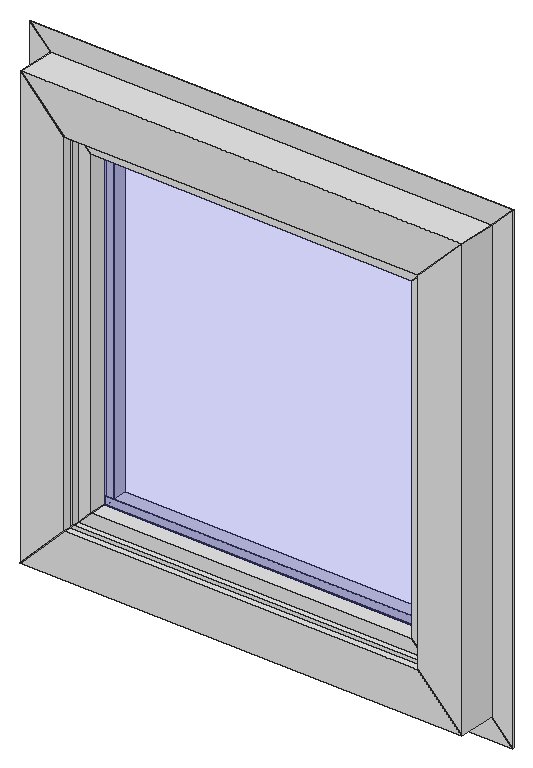
Revit family "511_CA_HL_nailfin", category Windows, host Wall, Revit 2016
Family settings
  Host = Wall
  OmniClass Number = 23.30.20.00
  OmniClass Title = Windows
  Always vertical = Yes
  Cut with Voids When Loaded = No
  Shared = No
  Room Calculation Point = No
Parameters (values of type "24x24")
  MLW = 3.2495"
  MLH = 1 / 2 * Height  # 12"
  Interior Color [instance] = White
  Height = 24"
  Exterior Color [instance] = White
  Default Sill Height = 31.49606"
  Wall Closure = By host
  Width = 24"
Types (22): name | MLH | Interior Color | Height | Exterior Color | Width
  (no name) | 12" | White | 24" | White | 24"
  36x60Max | 30" | none | 60" | none | 36"
  30x72Max | 36" | none | 72" | none | 30"
  13.5x19.75Min | 9 7/8" | none | 19 3/4" | none | 13 1/2"
  24x60 | 30" | none | 60" | none | 24"
  24x24 | 12" | White | 24" | White | 24"
  24x30 | 15" | none | 30" | none | 24"
  24x36 | 18" | none | 36" | none | 24"
  24x42 | 21" | none | 42" | none | 24"
  24x48 | 24" | none | 48" | none | 24"
  24x54 | 27" | none | 54" | none | 24"
  30x30 | 15" | none | 30" | none | 30"
  30x36 | 18" | none | 36" | none | 30"
  30x42 | 21" | none | 42" | none | 30"
  30x48 | 24" | none | 48" | none | 30"
  30x54 | 27" | none | 54" | none | 30"
  30x60 | 30" | none | 60" | none | 30"
  30x66 | 33" | none | 66" | none | 30"
  36x36 | 18" | none | 36" | none | 36"
  36x42 | 21" | none | 42" | none | 36"
  36x48 | 24" | none | 48" | none | 36"
  36x54 | 27" | none | 54" | none | 36"
Reference planes (in)
  plane 1 "Center (Front/Back)": y = 0
  plane 2 "Center (Left/Right)": x = 0
  plane 3 "Left": x = -12
  plane 4 "Right": x = 12
  plane 5 "Sill": z = 31.49606
  plane 6 "Head": z = 55.49606
  plane 7 "Exterior": y = 3.93701
  plane 8 "Interior": y = -3.93701
  plane 9 "Front of wall": y = 3.93701
  plane 10: z = 34.26132
  plane 11: z = 52.74759
  plane 12: x = -9.2505
  plane 13: x = 9.2515
  plane 14 "MLW1": x = 8.7505
  plane 15 "MLW2": x = -8.7505
  plane 16 "Front of glass": y = 4.22346
Forms (in)
  Extrusion 1, solid, material "White" <- "Interior Color"
    sketch origin (0, 0, 0) x (0, -1, 0) y (0, 0, 1)
      loop
        line (-3.47896, 34.76004) -> (-3.47896, 34.26132) -> (-4.22346, 34.26132) -> (-4.22346, 34.72234) -> (-4.25371, 34.703) -> (-5.00147, 34.703) -> (-5.00147, 34.12056) -> (-5.04146, 34.12056) -> (-5.04146, 32.11288) -> (-5.38746, 32.06425) -> (-5.38746, 31.47606) -> (-5.26246, 31.47606) -> (-5.26246, 31.51606) -> (-5.1091, 31.51606) -> (-5.07446, 31.49606) -> (-4.0116, 31.49606) -> (-4.0116, 30.37106) -> (-3.93701, 30.37106) -> (-3.93701, 31.49606) -> (-1.87451, 31.49606) -> (-1.87451, 33.88554) -> (-2.26246, 33.88554) -> (-2.26246, 34.07354) -> (-2.59146, 34.07354) -> (-2.59146, 34.76004) -> (-3.47896, 34.76004)
    from -13.125 to 13.125
  Extrusion 2, solid, material "White" <- "Interior Color"
    sketch origin (0, 0, 0) x (0, -1, 0) y (0, 0, 1)
      loop
        line (-1.88701, 53.12106) -> (-1.88701, 55.49606) -> (-3.93701, 55.49606) -> (-3.93701, 56.62106) -> (-4.01201, 56.62106) -> (-4.01201, 55.49606) -> (-5.07401, 55.49606) -> (-5.10865, 55.47606) -> (-5.25659, 55.47606) -> (-5.26201, 55.51606) -> (-5.38701, 55.51606) -> (-5.38701, 54.92787) -> (-5.04101, 54.87925) -> (-5.04101, 52.87156) -> (-5.00101, 52.87156) -> (-5.00101, 52.30847) -> (-4.26091, 52.30847) -> (-4.22301, 52.28424) -> (-4.22301, 52.74759) -> (-3.47851, 52.74759) -> (-3.47851, 52.24656) -> (-2.59101, 52.24656) -> (-2.59101, 52.93306) -> (-2.26201, 52.93306) -> (-2.26201, 53.12106) -> (-1.88701, 53.12106)
    from -13.125 to 13.125
  Extrusion 3, solid, material "White" <- "Interior Color"
    sketch origin (0, 0, 31.49606) x (0, -1, 0) y (1, 0, 0)
      loop
        line (-1.88701, -12) -> (-1.88701, -9.625) -> (-2.26201, -9.625) -> (-2.26201, -9.437) -> (-2.59101, -9.437) -> (-2.59101, -8.7505) -> (-3.47851, -8.7505) -> (-3.47851, -9.2505) -> (-4.22301, -9.2505) -> (-4.22301, -8.7882) -> (-4.26101, -8.8125) -> (-5.00101, -8.8125) -> (-5.00101, -9.3755) -> (-5.04101, -9.3755) -> (-5.04101, -11.38318) -> (-5.38701, -11.43181) -> (-5.38701, -12.02) -> (-5.26201, -12.02) -> (-5.26201, -11.98) -> (-5.10257, -11.98) -> (-5.07401, -12) -> (-4.01201, -12) -> (-4.01201, -13.125) -> (-3.93701, -13.125) -> (-3.93701, -12) -> (-1.88701, -12)
    from -1.125 to 25.125
  Extrusion 4, solid, material "White" <- "Interior Color"
    sketch origin (0, 0, 31.49606) x (0, -1, 0) y (1, 0, 0)
      loop
        line (-5.04101, 11.38318) -> (-5.04101, 9.3755) -> (-5.00101, 9.3755) -> (-5.00101, 8.8125) -> (-4.26101, 8.8125) -> (-4.22301, 8.7882) -> (-4.22301, 9.2515) -> (-3.47851, 9.2515) -> (-3.47851, 8.7505) -> (-2.59101, 8.7505) -> (-2.59101, 9.437) -> (-2.26201, 9.437) -> (-2.26201, 9.625) -> (-1.88701, 9.625) -> (-1.88701, 12) -> (-3.93701, 12) -> (-3.93701, 13.125) -> (-4.01201, 13.125) -> (-4.01201, 12) -> (-5.07401, 12) -> (-5.10257, 11.98) -> (-5.26201, 11.98) -> (-5.26201, 12.02) -> (-5.38701, 12.02) -> (-5.38701, 11.43181) -> (-5.04101, 11.38318)
    from -1.125 to 25.125
  Sweep 5, void
    path in 3D
      loop
        line (9.92555, 7.20536, 55.49606) -> (9.92555, 3.93701, 55.49606)
    profile origin (9.92555, 5.57118, 55.49606) x (1, 0, 0) y (0, 0, 1)
      loop
        line (3.36222, 1.28777) -> (-1.49101, 1.28777) -> (-1.49101, -3.18759) -> (-0.55005, -3.18759) -> (-0.55005, -2.6245) -> (3.36222, 1.28777)
  Sweep 6, void
    path in 3D
      loop
        line (9.92555, 7.20536, 55.49606) -> (9.92555, 3.93701, 55.49606)
    profile origin (9.92555, 5.57118, 55.49606) x (1, 0, 0) y (0, 0, 1)
      loop
        line (-0.55005, -2.6245) -> (-0.55005, -4.6245) -> (4.19995, -4.6245) -> (4.19995, 2.1255) -> (-0.55005, -2.6245)
  Sweep 7, void
    path in 3D
      loop
        line (-7.62085, 7.4936, 55.49606) -> (-7.62085, 3.93701, 55.49606)
    profile origin (-7.62085, 5.7153, 55.49606) x (1, 0, 0) y (0, 0, 1)
      loop
        line (-5.69663, 1.31749) -> (-1.75465, -2.6245) -> (-1.75465, -3.18759) -> (-0.68988, -3.18759) -> (-0.68988, 1.31749) -> (-5.69663, 1.31749)
  Sweep 8, void
    path in 3D
      loop
        line (-7.62085, 7.4936, 55.49606) -> (-7.62085, 3.93701, 55.49606)
    profile origin (-7.62085, 5.7153, 55.49606) x (1, 0, 0) y (0, 0, 1)
      loop
        line (-5.75465, 1.3755) -> (-5.75465, -3.98235) -> (-1.75465, -3.98235) -> (-1.75465, -2.6245) -> (-5.75465, 1.3755)
  Sweep 9, void
    path in 3D
      loop
        line (-8.24836, 7.60847, 31.49606) -> (-8.24836, 3.93701, 31.49606)
    profile origin (-8.24836, 5.77274, 31.49606) x (1, 0, 0) y (0, 0, 1)
      loop
        line (-5.41705, -1.66542) -> (0.01145, -1.66542) -> (0.01145, 3.20694) -> (-1.12714, 3.20694) -> (-1.12714, 2.6245) -> (-5.41705, -1.66542)
  Sweep 10, void
    path in 3D
      loop
        line (-8.24836, 7.60847, 31.49606) -> (-8.24836, 3.93701, 31.49606)
    profile origin (-8.24836, 5.77274, 31.49606) x (1, 0, 0) y (0, 0, 1)
      loop
        line (-1.12714, 2.6245) -> (-1.12714, 4.3745) -> (-5.12714, 4.3745) -> (-5.12714, -1.3755) -> (-1.12714, 2.6245)
  Sweep 11, void
    path in 3D
      loop
        line (10.07566, 7.2781, 31.49606) -> (10.07566, 3.93701, 31.49606)
    profile origin (10.07566, 5.60756, 31.49606) x (1, 0, 0) y (0, 0, 1)
      loop
        line (3.2174, -1.29306) -> (-0.70016, 2.6245) -> (-0.70016, 3.20694) -> (-1.70016, 3.20694) -> (-1.70016, -1.29306) -> (3.2174, -1.29306)
  Sweep 12, void
    path in 3D
      loop
        line (10.07566, 7.2781, 31.49606) -> (10.07566, 3.93701, 31.49606)
    profile origin (10.07566, 5.60756, 31.49606) x (1, 0, 0) y (0, 0, 1)
      loop
        line (3.37908, -1.45475) -> (3.37908, 3.8745) -> (-0.70016, 3.8745) -> (-0.70016, 2.6245) -> (3.37908, -1.45475)
  Extrusion 13, void
    sketch origin (0, 3.93701, 0) x (1, 0, 0) y (0, 0, 1)
      loop
        line (-13.49016, 56.98622) -> (-13.49016, 51.11692) -> (-7.62085, 51.11692) -> (-13.49016, 56.98622)
    from 0 to 12
  Extrusion 14, void
    sketch origin (0, 3.93701, 0) x (1, 0, 0) y (0, 0, 1)
      loop
        line (-14.25, 57.74606) -> (-7.93414, 51.4302) -> (-7.93414, 57.74606) -> (-14.25, 57.74606)
    from 0 to 12
  Extrusion 15, void
    sketch origin (0, 3.93701, 0) x (1, 0, 0) y (0, 0, 1)
      loop
        line (15.25, 58.74606) -> (7.58058, 58.74606) -> (7.58058, 51.07665) -> (15.25, 58.74606)
    from 0 to 12
  Extrusion 16, void
    sketch origin (0, 3.93701, 0) x (1, 0, 0) y (0, 0, 1)
      loop
        line (13.75984, 57.25591) -> (7.91414, 51.4102) -> (13.75984, 51.4102) -> (13.75984, 57.25591)
    from 0 to 12
  Extrusion 17, void
    sketch origin (0, 3.93701, 0) x (1, 0, 0) y (0, 0, 1)
      loop
        line (14, 29.49606) -> (7.75736, 35.7387) -> (7.75736, 29.49606) -> (14, 29.49606)
    from 0 to 12
  Extrusion 18, void
    sketch origin (0, 3.93701, 0) x (1, 0, 0) y (0, 0, 1)
      loop
        line (7.63959, 35.85648) -> (15.50984, 27.98622) -> (15.50984, 35.85648) -> (7.63959, 35.85648)
    from 0 to 12
  Extrusion 19, void
    sketch origin (0, 3.93701, 0) x (1, 0, 0) y (0, 0, 1)
      loop
        line (-8.13959, 35.37096) -> (-14.76851, 35.37096) -> (-14.76851, 28.74204) -> (-8.13959, 35.37096)
    from 0 to 12
  Extrusion 20, void
    sketch origin (0, 3.93701, 0) x (1, 0, 0) y (0, 0, 1)
      loop
        line (-14.5, 28.99606) -> (-8.11091, 28.99606) -> (-8.11091, 35.38515) -> (-14.5, 28.99606)
    from 0 to 12
  Extrusion 21, solid, material "Glass"
    sketch origin (0, 0, 0) x (0, -1, 0) y (0, 0, 1)
      loop
        line (-4.22301, 52.74759) -> (-4.22301, 34.26132) -> (-3.47571, 34.26132) -> (-3.47571, 52.74759) -> (-4.22301, 52.74759)
    from -9.2515 to 9.2505
Cuts and joins
  Sweep 5, Sweep 11, Extrusion 15, Extrusion 17 cuts Extrusion 4
  Sweep 6, Sweep 8, Extrusion 13, Extrusion 16 cuts Extrusion 2
  Sweep 7, Sweep 9, Extrusion 14, Extrusion 20 cuts Extrusion 3
  Sweep 10, Sweep 12, Extrusion 18, Extrusion 19 cuts Extrusion 1
Lines and regions (in)
  Opening 1
    outline origin (137.79528, -3.93701, 0) x (1, 0, 0) y (0, 0, 1)
      loop
        line (-125.79528, 31.49606) -> (-125.79528, 55.49606) -> (-149.79528, 55.49606) -> (-149.79528, 31.49606) -> (-125.79528, 31.49606)
  reference lines
    curve 1: line (-7.62085, 7.4936, 55.49606) -> (-7.62085, 3.93701, 55.49606)
    curve 2: line (9.92555, 7.20536, 55.49606) -> (9.92555, 3.93701, 55.49606)
    curve 3: line (-8.24836, 7.60847, 31.49606) -> (-8.24836, 3.93701, 31.49606)
    curve 4: line (10.07566, 7.2781, 31.49606) -> (10.07566, 3.93701, 31.49606)
    curve 13: line (-8.7505, 4.22346, 52.24656) -> (8.7505, 4.22346, 43.49606)
    curve 14: line (8.7505, 4.22346, 43.49606) -> (-8.7505, 4.22346, 34.74556)
  sketch lines
    curve 5: line (9.92555, 7.20536, 55.49606) -> (9.92555, 3.93701, 55.49606)
    curve 6: line (9.92555, 7.20536, 55.49606) -> (9.92555, 3.93701, 55.49606)
    curve 7: line (-7.62085, 7.4936, 55.49606) -> (-7.62085, 3.93701, 55.49606)
    curve 8: line (-7.62085, 7.4936, 55.49606) -> (-7.62085, 3.93701, 55.49606)
    curve 9: line (-8.24836, 7.60847, 31.49606) -> (-8.24836, 3.93701, 31.49606)
    curve 10: line (-8.24836, 7.60847, 31.49606) -> (-8.24836, 3.93701, 31.49606)
    curve 11: line (10.07566, 7.2781, 31.49606) -> (10.07566, 3.93701, 31.49606)
    curve 12: line (10.07566, 7.2781, 31.49606) -> (10.07566, 3.93701, 31.49606)
  model lines
    curve 15: line (8.7505, 4.22346, 43.49606) -> (-8.7505, 4.22346, 34.74556)
    curve 16: line (8.7505, 4.22346, 43.49606) -> (-8.7505, 4.22346, 52.24656)
  symbolic lines
    curve 17: line (-8.7505, 3.93701, 52.24656) -> (8.7505, 3.93701, 43.49606)
    curve 18: line (8.7505, 3.93701, 43.49606) -> (-8.7505, 3.93701, 34.74556)
Text (in)
  text "EXTERIOR" at (-77.29147, 52.45485, 0), in view "Ref. Level"
  text "INTERIOR" at (-78.01048, -32.21994, 0), in view "Ref. Level"
  text "Exterior" at (0, 36.36817, 115.8778), in view "Right"
  text "Exterior" at (0, 40.96394, 105.72475), in view "Left"
Dimensions and locks (in)
  equal spacing: plane 3 "Left", plane 2 "Center (Left/Right)", plane 4 "Right"
  "Width": plane 3 "Left" to plane 4 "Right"
  "Height": plane 5 "Sill" to plane 6 "Head"
  "Default Sill Height": plane 5 "Sill" to level
  locked: plane 7 "Exterior" to host wall at 0
  locked: plane 8 "Interior" to host wall
  locked: plane 9 "Front of wall" to Extrusion 1 sketch curve at 2.0625
  locked: Extrusion 1 sketch curve to Extrusion 1 sketch curve at 2.38948
  Extrusion 1 sketch curve to plane 5 "Sill" = 1 1/8"
  locked: plane 5 "Sill" to plane 10 at 2.76526
  locked: plane 11 to plane 6 "Head" at 2.74848
  locked: plane 9 "Front of wall" to Extrusion 2 sketch curve at 2.05
  locked: Extrusion 2 sketch curve to Extrusion 2 sketch curve at 2.375
  locked: plane 6 "Head" to Extrusion 2 sketch curve at 1.125
  locked: plane 13 to plane 4 "Right" at 2.7485
  locked: plane 3 "Left" to plane 12 at 2.7495
  locked: Extrusion 3 sketch curve to plane 3 "Left" at 1.125
  locked: Extrusion 3 sketch curve to plane 9 "Front of wall" at 2.05
  locked: Extrusion 3 sketch curve to Extrusion 3 sketch curve at 2.375
  locked: Extrusion 4 sketch curve to plane 9 "Front of wall" at 2.05
  locked: Extrusion 4 sketch curve to Extrusion 4 sketch curve at 2.375
  locked: plane 4 "Right" to Extrusion 4 sketch curve at 1.125
  locked: plane 9 "Front of wall" to cut or joined group of Extrusion 4, Sweep 5, Sweep 11, Extrusion 15, Extrusion 17 at 0.4585
  "MLW": plane 14 "MLW1" to plane 4 "Right"
  "MLW": plane 3 "Left" to plane 15 "MLW2"
  plane 5 "Sill" to curve 13 = 12"
  "MLW": curve 13 to plane 6 "Head"
  "MLW": plane 5 "Sill" to curve 14
  locked: plane 16 "Front of glass" to plane 9 "Front of wall" at 0.28645
  "MLH": curve 14 to plane 6 "Head"
  "MLH": plane 5 "Sill" to curve 13
  host wall to Extrusion 1 = 3.47896"
  aligned and locked: plane 9 "Front of wall" to host wall
  aligned and locked: Extrusion 1 sketch curve to plane 9 "Front of wall"
  aligned and locked: Extrusion 1 sketch curve to plane 5 "Sill"  (x2)
  aligned and locked: plane 10 to Extrusion 1 sketch curve
  aligned and locked: plane 9 "Front of wall" to Extrusion 2 sketch curve
  aligned and locked: Extrusion 2 sketch curve to plane 6 "Head"  (x2)
  aligned and locked: plane 11 to Extrusion 2 sketch curve
  aligned and locked: plane 9 "Front of wall" to Extrusion 3 sketch curve
  aligned and locked: plane 3 "Left" to Extrusion 3 sketch curve  (x2)
  aligned and locked: Extrusion 3 sketch curve to plane 12
  aligned and locked: plane 13 to Extrusion 4 sketch curve
  aligned and locked: Extrusion 4 sketch curve to plane 4 "Right"  (x2)
  aligned and locked: plane 9 "Front of wall" to Extrusion 4 sketch curve
  aligned and locked: Extrusion 4 to Extrusion 1  (x2)
  aligned and locked: Extrusion 1 to Extrusion 3  (x2)
  aligned and locked: Extrusion 2 to Extrusion 4  (x2)
  aligned and locked: Extrusion 3 to Extrusion 2  (x2)
  aligned and locked: plane 9 "Front of wall" to curve 2
  aligned and locked: plane 9 "Front of wall" to curve 1
  aligned and locked: plane 9 "Front of wall" to curve 4
  aligned and locked: plane 9 "Front of wall" to curve 3
  aligned and locked: plane 11 to Extrusion 21 sketch curve
  aligned and locked: plane 10 to Extrusion 21 sketch curve
  aligned and locked: plane 12 to Extrusion 21
  aligned and locked: Extrusion 21 to plane 13
  aligned and locked: plane 14 "MLW1" to curve 14
  aligned and locked: plane 15 "MLW2" to curve 13
  aligned and locked: plane 15 "MLW2" to curve 14
  aligned and locked: curve 14 to curve 15
  aligned and locked: curve 16 to curve 13
  aligned and locked: plane 14 "MLW1" to curve 13
  aligned and locked: curve 14 to curve 18
  aligned and locked: curve 13 to curve 17
Automatic sketch dimensions
  Opening 1 sketch curve to plane 3 "Left" = 0"
  Opening 1 sketch curve to plane 4 "Right" = 0"
  Opening 1 sketch curve to plane 5 "Sill" = 0"
  Opening 1 sketch curve to plane 6 "Head" = 0"
  Extrusion 1 sketch curve to Extrusion 1 sketch curve = 0.07459"
  Extrusion 1 sketch curve to Extrusion 1 sketch curve = 0.03025"
  Extrusion 1 sketch curve to Extrusion 1 sketch curve = 0.74775"
  Extrusion 1 sketch curve to Extrusion 1 sketch curve = 0.03999"
  Extrusion 1 sketch curve to Extrusion 1 sketch curve = 0.033"
  Extrusion 1 sketch curve to plane 5 "Sill" = 0.02"
  Extrusion 1 sketch curve to Extrusion 1 sketch curve = 0.03464"
  plane 5 "Sill" to Extrusion 1 sketch curve = 0.02"
  Extrusion 1 sketch curve to Extrusion 1 sketch curve = 0.15336"
  Extrusion 1 sketch curve to plane 5 "Sill" = 0.56819"
  Extrusion 1 sketch curve to Extrusion 1 sketch curve = 0.346"
  Extrusion 1 sketch curve to Extrusion 1 sketch curve = 0.8875"
  Extrusion 1 sketch curve to Extrusion 1 sketch curve = 0.329"
  Extrusion 1 sketch curve to Extrusion 1 sketch curve = 0.04863"
  Extrusion 1 sketch curve to Extrusion 1 sketch curve = 2.00768"
  Extrusion 1 sketch curve to Extrusion 1 sketch curve = 0.18778"
  Extrusion 1 sketch curve to Extrusion 1 sketch curve = 0.44168"
  Extrusion 1 sketch curve to Extrusion 1 sketch curve = 0.01934"
  plane 6 "Head" to Extrusion 2 sketch curve = 0.02"
  Extrusion 2 sketch curve to Extrusion 2 sketch curve = 0.14794"
  Extrusion 2 sketch curve to plane 6 "Head" = 0.02"
  Extrusion 2 sketch curve to Extrusion 2 sketch curve = 0.00542"
  Extrusion 2 sketch curve to Extrusion 2 sketch curve = 0.03464"
  Extrusion 2 sketch curve to plane 11 = 0.12398"
  host wall to Extrusion 2 sketch curve = 1.104"
  Extrusion 2 sketch curve to Extrusion 2 sketch curve = 0.04"
  host wall to Extrusion 2 sketch curve = 0.3239"
  Extrusion 2 sketch curve to Extrusion 2 sketch curve = 0.0379"
  plane 11 to Extrusion 2 sketch curve = 0.43912"
  Extrusion 2 sketch curve to Extrusion 2 sketch curve = 0.02423"
  host wall to Extrusion 2 sketch curve = 0.075"
  Extrusion 2 sketch curve to Extrusion 2 sketch curve = 1/8"
  Extrusion 2 sketch curve to Extrusion 2 sketch curve = 0.54819"
  Extrusion 2 sketch curve to Extrusion 2 sketch curve = 0.346"
  Extrusion 2 sketch curve to Extrusion 2 sketch curve = 0.04863"
  Extrusion 2 sketch curve to Extrusion 2 sketch curve = 0.8875"
  Extrusion 2 sketch curve to plane 11 = 0.18548"
  Extrusion 2 sketch curve to Extrusion 2 sketch curve = 0.329"
  Extrusion 3 sketch curve to Extrusion 3 sketch curve = 0.329"
  Extrusion 3 sketch curve to Extrusion 3 sketch curve = 3/8"
  plane 12 to Extrusion 3 sketch curve = 0.1865"
  Extrusion 3 sketch curve to host wall = 0.4585"
  Extrusion 3 sketch curve to Extrusion 3 sketch curve = 0.038"
  plane 12 to Extrusion 3 sketch curve = 1/8"
  Extrusion 3 sketch curve to plane 12 = 0.438"
  Extrusion 3 sketch curve to Extrusion 3 sketch curve = 0.0243"
  Extrusion 3 sketch curve to Extrusion 3 sketch curve = 0.03999"
  Extrusion 3 sketch curve to plane 3 "Left" = 0.61682"
  Extrusion 3 sketch curve to plane 3 "Left" = 0.56819"
  Extrusion 3 sketch curve to Extrusion 3 sketch curve = 0.346"
  plane 3 "Left" to Extrusion 3 sketch curve = 0.02"
  host wall to Extrusion 3 sketch curve = 0.075"
  Extrusion 3 sketch curve to Extrusion 3 sketch curve = 0.313"
  Extrusion 3 sketch curve to Extrusion 3 sketch curve = 1/8"
  Extrusion 3 sketch curve to plane 3 "Left" = 0.02"
  Extrusion 3 sketch curve to Extrusion 3 sketch curve = 0.02856"
  host wall to Extrusion 4 sketch curve = 0.324"
  plane 13 to Extrusion 4 sketch curve = 0.439"
  Extrusion 4 sketch curve to Extrusion 4 sketch curve = 0.74001"
  host wall to Extrusion 4 sketch curve = 1.104"
  Extrusion 4 sketch curve to Extrusion 4 sketch curve = 0.038"
  Extrusion 4 sketch curve to Extrusion 4 sketch curve = 0.0243"
  Extrusion 4 sketch curve to plane 13 = 0.124"
  plane 4 "Right" to Extrusion 4 sketch curve = 0.61682"
  Extrusion 4 sketch curve to plane 4 "Right" = 0.02"
  Extrusion 4 sketch curve to Extrusion 4 sketch curve = 0.346"
  Extrusion 4 sketch curve to Extrusion 4 sketch curve = 1/8"
  Extrusion 4 sketch curve to Extrusion 4 sketch curve = 0.04863"
  plane 4 "Right" to Extrusion 4 sketch curve = 0.02"
  Extrusion 4 sketch curve to Extrusion 4 sketch curve = 0.15944"
  Extrusion 4 sketch curve to Extrusion 4 sketch curve = 0.02856"
  host wall to Extrusion 4 sketch curve = 0.075"
  Extrusion 4 sketch curve to Extrusion 4 sketch curve = 0.8875"
  Extrusion 4 sketch curve to plane 13 = 0.1855"
  Extrusion 4 sketch curve to Extrusion 4 sketch curve = 0.329"
  curve 1 to plane 12 = 1.62965"
  curve 2 to plane 13 = 0.67405"
  host wall to curve 2 = 3.26835"
  host wall to curve 1 = 3.55659"
  curve 3 to plane 12 = 1.00214"
  curve 4 to plane 13 = 0.82416"
  curve 4 to curve 4 = 3.3411"
  curve 3 to curve 3 = 3.67147"
  profile plane to Sweep 5 sketch curve = 1.49101"
  profile plane to Sweep 5 sketch curve = 0.55005"
  Sweep 5 sketch curve to profile plane = 3.18759"
  Sweep 5 sketch curve to Sweep 5 sketch curve = 0.56309"
  Sweep 5 sketch curve to profile plane = 3.36222"
  profile plane to Sweep 5 sketch curve = 1.28777"
  profile plane to Sweep 6 sketch curve = 0.55005"
  Sweep 6 sketch curve to profile plane = 4.6245"
  Sweep 6 sketch curve to Sweep 6 sketch curve = 2"
  Sweep 6 sketch curve to profile plane = 4.19995"
  profile plane to Sweep 6 sketch curve = 2.1255"
  profile plane to Sweep 7 sketch curve = 1.75465"
  profile plane to Sweep 7 sketch curve = 0.68988"
  Sweep 7 sketch curve to profile plane = 3.18759"
  Sweep 7 sketch curve to Sweep 7 sketch curve = 0.56309"
  Sweep 7 sketch curve to Sweep 7 sketch curve = 5.00675"
  profile plane to Sweep 7 sketch curve = 1.31749"
  profile plane to Sweep 8 sketch curve = 5.75465"
  profile plane to Sweep 8 sketch curve = 1.75465"
  Sweep 8 sketch curve to profile plane = 3.98235"
  Sweep 8 sketch curve to Sweep 8 sketch curve = 1.35785"
  profile plane to Sweep 8 sketch curve = 1.3755"
  profile plane to Sweep 9 sketch curve = 1.12714"
  Sweep 9 sketch curve to profile plane = 0.01145"
  profile plane to Sweep 9 sketch curve = 2.6245"
  Sweep 9 sketch curve to Sweep 9 sketch curve = 0.58244"
  profile plane to Sweep 9 sketch curve = 5.41705"
  Sweep 9 sketch curve to profile plane = 1.66542"
  profile plane to Sweep 10 sketch curve = 1.12714"
  profile plane to Sweep 10 sketch curve = 2.6245"
  Sweep 10 sketch curve to Sweep 10 sketch curve = 1 3/4"
  profile plane to Sweep 10 sketch curve = 5.12714"
  Sweep 10 sketch curve to profile plane = 1.3755"
  profile plane to Sweep 11 sketch curve = 1.70016"
  profile plane to Sweep 11 sketch curve = 0.70016"
  profile plane to Sweep 11 sketch curve = 2.6245"
  Sweep 11 sketch curve to Sweep 11 sketch curve = 0.58244"
  Sweep 11 sketch curve to profile plane = 3.2174"
  Sweep 11 sketch curve to profile plane = 1.29306"
  profile plane to Sweep 12 sketch curve = 0.70016"
  profile plane to Sweep 12 sketch curve = 2.6245"
  Sweep 12 sketch curve to Sweep 12 sketch curve = 1 1/4"
  Sweep 12 sketch curve to profile plane = 1.45475"
  Sweep 12 sketch curve to profile plane = 3.37908"
  plane 3 "Left" to Extrusion 13 sketch curve = 1.49016"
  Extrusion 13 sketch curve to plane 6 "Head" = 1.49016"
  Extrusion 13 sketch curve to plane 12 = 1.62965"
  plane 11 to Extrusion 13 sketch curve = 1.63067"
  plane 3 "Left" to Extrusion 14 sketch curve = 2 1/4"
  Extrusion 14 sketch curve to plane 6 "Head" = 2 1/4"
  Extrusion 14 sketch curve to plane 12 = 1.31636"
  plane 11 to Extrusion 14 sketch curve = 1.31739"
  Extrusion 15 sketch curve to plane 4 "Right" = 3 1/4"
  Extrusion 15 sketch curve to plane 6 "Head" = 3 1/4"
  plane 13 to Extrusion 15 sketch curve = 1.67092"
  plane 11 to Extrusion 15 sketch curve = 1.67094"
  plane 13 to Extrusion 16 sketch curve = 1.33736"
  plane 11 to Extrusion 16 sketch curve = 1.33739"
  Extrusion 16 sketch curve to plane 4 "Right" = 1.75984"
  Extrusion 16 sketch curve to plane 6 "Head" = 1.75984"
  Extrusion 17 sketch curve to plane 4 "Right" = 2"
  plane 13 to Extrusion 17 sketch curve = 1.49414"
  Extrusion 17 sketch curve to plane 10 = 1.47738"
  plane 5 "Sill" to Extrusion 17 sketch curve = 2"
  Extrusion 18 sketch curve to plane 4 "Right" = 3.50984"
  plane 5 "Sill" to Extrusion 18 sketch curve = 3.50984"
  plane 13 to Extrusion 18 sketch curve = 1.61191"
  Extrusion 18 sketch curve to plane 10 = 1.59515"
  plane 3 "Left" to Extrusion 19 sketch curve = 2.76851"
  plane 5 "Sill" to Extrusion 19 sketch curve = 2.75402"
  Extrusion 19 sketch curve to plane 12 = 1.11091"
  Extrusion 19 sketch curve to plane 10 = 1.10964"
  plane 3 "Left" to Extrusion 20 sketch curve = 2 1/2"
  Extrusion 20 sketch curve to plane 12 = 1.13959"
  Extrusion 20 sketch curve to plane 10 = 1.12383"
  plane 5 "Sill" to Extrusion 20 sketch curve = 2 1/2"
  Extrusion 21 sketch curve to Extrusion 21 sketch curve = 0.7473"
  curve 16 to plane 15 "MLW2" = 0"
  curve 15 to plane 15 "MLW2" = 0"
  curve 18 to plane 15 "MLW2" = 0"
  curve 17 to plane 15 "MLW2" = 0"
  Extrusion 1 sketch curve to plane 16 "Front of glass" = 0"
  Extrusion 1 sketch curve to host wall = 0.45805"
  Extrusion 1 sketch curve to plane 10 = 0.49872"
  Extrusion 2 sketch curve to host wall = 0.4585"
  plane 11 to Extrusion 2 sketch curve = 0.50102"
  Extrusion 21 sketch curve to plane 16 "Front of glass" = 0.00045"
  Extrusion 3 sketch curve to plane 15 "MLW2" = 0"
  Extrusion 3 sketch curve to plane 16 "Front of glass" = 0.00045"
  plane 16 "Front of glass" to Extrusion 3 sketch curve = 0.77755"
  Extrusion 4 sketch curve to plane 14 "MLW1" = 0"
  Extrusion 4 sketch curve to host wall = 0.4585"
